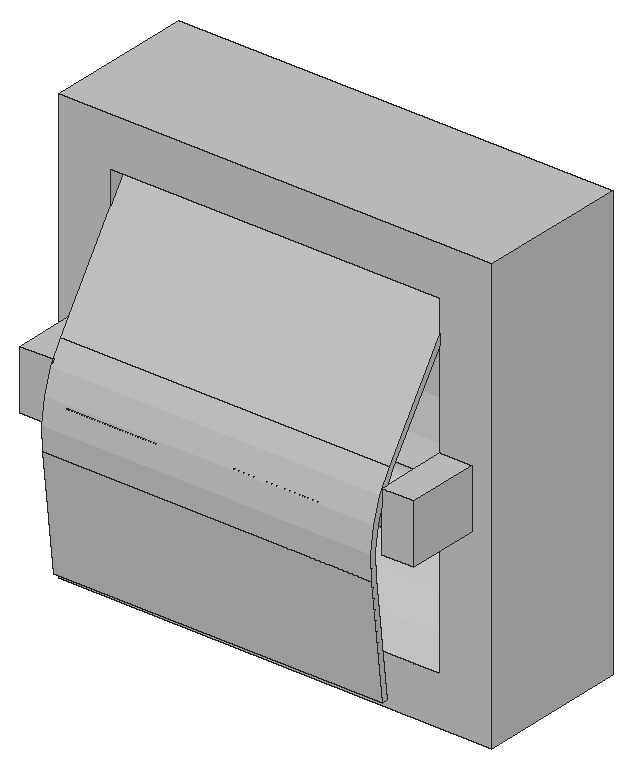
Revit family "Toilet Roll Dispenser_Metlam_Single_Surface Mounted_Hooded", category Specialty Equipment, Revit 2016
Family settings
  Part Type = Normal
  Round Connector Dimension = Use Diameter
  OmniClass Number = 23.40.20.21.21
  OmniClass Title = Toilet Paper Dispensers
  Work Plane-Based = No
  Always vertical = Yes
  Cut with Voids When Loaded = Yes
  Shared = No
  Room Calculation Point = Yes
Parameters (values of type "161w x 88d x 161h (ML261SM_S)")
  URL = "http://www.metlam.com.au/\r\nhttp://www.metlam.com.au/\r\nhttp://www.metlam.com.au/"
  Type Comments = "Toilet Roll Dispensers"  # constant formula
  Model = "ML261SM_S"
  Material_ANZRS = z_Metlam_Metal_Stainless Steel_Satin
  Manufacturer_URL__Product Specific = "https://www.metlam.com.au/product/content/toilet-roll-dispensers/ML261SM_S"
  Manufacturer_Spec Code = Model  # "ML261SM_S"
  Manufacturer_Overall Width = 161 mm  # constant formula
  Manufacturer_Overall Height = 161 mm  # constant formula
  Manufacturer_Overall Depth = 88 mm  # constant formula
  Manufacturer_Height From FFL [instance] = 585 mm
  Manufacturer = "Metlam"  # constant formula
  Description = "Single Toilet Roll Holder"  # constant formula
  CreatedBy_ANZRS = "IGS BIM Solutions"  # constant formula
  CreatedByURL_ANZRS = "http://www.igsgroup.com.au/"
  Assembly Code = ""
Reference planes
  plane 1 "Back": y = 0
  plane 2 "Ref. Level": z = 0
  plane 3 "Center (Left/Right)": x = 0
  plane 4 "Right": x = 80.5
  plane 5 "Left": x = -80.5
  plane 6 "Hood_Bottom": z = 524.5
  plane 7 "Body_Front": y = -56
  plane 8 "Top": z = 665.5
  plane 9 "Bottom": z = 504.5
  plane 10 "Centre (Elevation)": z = 585
  plane 11 "Front": y = -88
Forms (mm)
  Extrusion 1, solid, material "z_Metlam_Metal_Stainless Steel_Satin" <- "Material_ANZRS"
    sketch origin (0, 0, -20) x (1, 0, 0) y (0, 0, 1)
      loop
        line (-80.5, 685.5) -> (-80.5, 524.5) -> (80.5, 524.5) -> (80.5, 685.5) -> (-80.5, 685.5)
    from 0 to 56
  Revolve 2, solid, material "z_Metlam_Metal_Stainless Steel_Satin" <- "Material_ANZRS"
    sketch origin (-73.125, -1524, 585) x (-1, 0, 0) y (0, -1, 0)
      loop
        line (-12.01, -1454.68) -> (-12.01, -1443.68) -> (-73.125, -1443.68) -> (-73.125, -1445.18) -> (-134.239, -1445.18) -> (-134.239, -1454.68) -> (-12.01, -1454.68)
      axis (-12.01, -1454.68) -> (-134.239, -1454.68)
    angle from 0 to 360
  Extrusion 3, solid, material "z_Metlam_Metal_Stainless Steel_Satin" <- "Material_ANZRS"
    sketch origin (0, 0, 0) x (0, 1, 0) y (0, 0, 1)
      loop
        line (-56, 596) -> (-83, 596) -> (-83, 574) -> (-56, 574) -> (-56, 596)
    from 61.115 to 73.125
  Extrusion 4, solid, material "z_Metlam_Metal_Stainless Steel_Satin" <- "Material_ANZRS"
    sketch origin (0, 0, 0) x (0, 1, 0) y (0, 0, -1)
      loop
        line (-56, -596) -> (-56, -574) -> (-83, -574) -> (-83, -596) -> (-56, -596)
    from 61.115 to 73.125
  Extrusion 5, void
    sketch origin (0, 0, 0) x (0, 1, 0) y (0, 0, 1)
      loop
        arc (-56, 522.518) -> (-5.854, 585) -> (-56, 647.482) r 64
        line (-56, 647.482) -> (-56, 522.518)
    from -61.115 to 61.115
  Extrusion 6, solid, material "z_Metlam_Metal_Stainless Steel_Satin" <- "Material_ANZRS"
    sketch origin (0, -0.566, 0) x (0, 1, 0) y (0, 0, 1)
      loop
        line (-46.807, 644.3) -> (-48.455, 645.433) -> (-78.636, 601.537)
        arc (-78.636, 601.537) -> (-86, 585.098) -> (-87.062, 567.116) r 50
        line (-87.062, 567.116) -> (-81.829, 524.5) -> (-79.814, 524.5) -> (-85.077, 567.359)
        arc (-85.077, 567.359) -> (-84.058, 584.622) -> (-76.988, 600.404) r 48
        line (-76.988, 600.404) -> (-46.807, 644.3)
    from -61.115 to 61.115
Cuts and joins
  Extrusion 5 cuts Extrusion 1
Lines and regions (mm)
  Masking region 1
    outline origin (0, 0, 0) x (1, 0, 0) y (0, 1, 0)
      loop
        line (-80.5, 0) -> (-80.5, -56) -> (-73.125, -56) -> (-73.125, -83) -> (-61.115, -83) -> (-61.115, -88) -> (61.115, -88) -> (61.115, -83) -> (73.125, -83) -> (73.125, -56) -> (80.5, -56) -> (80.5, 0) -> (-80.5, 0)
  symbolic lines, style "Bathroom Fixtures", detail levels medium+fine
    curve 1: line (-73.125, -56, 0) -> (73.125, -56, 0)
    curve 2: line (61.115, -83, 0) -> (61.115, -56, 0)
    curve 3: line (-61.115, -83, 0) -> (-61.115, -56, 0)
Text (mm)
  text "> Contact Manufacturer to confirm feasibility of design variations outside the scope of this Revit Family\n\n\n\nDisclaimer:\n\nDue to ongoing product development and manufacturing evolution, product details are subject to change without notice. Please refer to product technical data sheets on the manufacturer’s website for the most current product information. Please allow a +/- 5mm manufacturing tolerance for dimensions and set-outs shown in product literature." at (227.896, 72.385, 0), in view "Ref. Level_Instruction"
Dimensions and locks
  "Manufacturer_Height From FFL": plane 10 "Centre (Elevation)" to plane 2 "Ref. Level"
  "Manufacturer_Overall Height": plane 8 "Top" to plane 9 "Bottom"
  "Manufacturer_Overall Width": plane 5 "Left" to plane 4 "Right"
  equal spacing: plane 8 "Top", plane 10 "Centre (Elevation)", plane 9 "Bottom"
  locked: plane 6 "Hood_Bottom" to plane 9 "Bottom" at 20
  locked: plane 11 "Front" to plane 7 "Body_Front" at 32
  plane 11 "Front" to plane 1 "Back" = 88 mm
  aligned and locked: level to plane 2 "Ref. Level"
  aligned and locked: plane 7 "Body_Front" to Extrusion 1
Automatic sketch dimensions
  Extrusion 1 sketch curve to plane 5 "Left" = 0 mm
  plane 4 "Right" to Extrusion 1 sketch curve = 0 mm
  Extrusion 1 sketch curve to plane 9 "Bottom" = 0 mm
  Extrusion 1 sketch curve to plane 8 "Top" = 0 mm
  Revolve 2 sketch curve to plane 3 "Center (Left/Right)" = 0 mm
  Revolve 2 sketch curve to plane 11 "Front" = 9.18 mm
  plane 4 "Right" to Revolve 2 sketch curve = 19.385 mm
  Revolve 2 sketch curve to plane 11 "Front" = 7.68 mm
  plane 5 "Left" to Revolve 2 sketch curve = 19.385 mm
  Revolve 2 sketch curve to Revolve 2 sketch curve = 9.5 mm  (x2)
  plane 3 "Center (Left/Right)" to Revolve 2 sketch curve = 3.984 mm
  Revolve 2 sketch curve to plane 3 "Center (Left/Right)" = 17.5 mm
  Extrusion 3 sketch curve to plane 7 "Body_Front" = 0 mm
  Extrusion 3 sketch curve to plane 11 "Front" = 5 mm
  Extrusion 3 sketch curve to plane 10 "Centre (Elevation)" = 11 mm
  plane 10 "Centre (Elevation)" to Extrusion 3 sketch curve = 11 mm
  Extrusion 4 sketch curve to plane 7 "Body_Front" = 0 mm
  Extrusion 4 sketch curve to plane 11 "Front" = 5 mm
  plane 10 "Centre (Elevation)" to Extrusion 4 sketch curve = 11 mm
  Extrusion 4 sketch curve to plane 10 "Centre (Elevation)" = 11 mm
  Extrusion 5 sketch curve to plane 10 "Centre (Elevation)" = 0 mm
  Extrusion 5 sketch curve to plane 7 "Body_Front" = 0 mm
  plane 7 "Body_Front" to Extrusion 5 sketch curve = 13.854 mm
  Extrusion 5 sketch curve to plane 6 "Hood_Bottom" = 1.982 mm
  Extrusion 6 sketch curve to Extrusion 6 sketch curve = 0 mm  (x2)
  Extrusion 6 sketch curve to plane 6 "Hood_Bottom" = 0 mm
  Extrusion 6 sketch curve to plane 11 "Front" = 0.373 mm
  Extrusion 6 sketch curve to Extrusion 6 sketch curve = 1.985 mm
  Extrusion 6 sketch curve to plane 11 "Front" = 5.605 mm
  Extrusion 6 sketch curve to Extrusion 6 sketch curve = 2.015 mm
  plane 7 "Body_Front" to Extrusion 6 sketch curve = 23.201 mm
  Extrusion 6 sketch curve to Extrusion 6 sketch curve = 1.648 mm  (x2)
  Extrusion 6 sketch curve to plane 7 "Body_Front" = 6.979 mm
  Extrusion 6 sketch curve to plane 10 "Centre (Elevation)" = 11.791 mm
  Extrusion 6 sketch curve to plane 7 "Body_Front" = 18 mm
  Extrusion 6 sketch curve to plane 10 "Centre (Elevation)" = 17.884 mm
  Extrusion 6 sketch curve to Extrusion 6 sketch curve = 0.244 mm
  Masking region 1 sketch curve to plane 5 "Left" = 0 mm
  plane 7 "Body_Front" to Masking region 1 sketch curve = 0 mm  (x2)
  plane 11 "Front" to Masking region 1 sketch curve = 0 mm
  Masking region 1 sketch curve to plane 4 "Right" = 0 mm
  plane 1 "Back" to Masking region 1 sketch curve = 0 mm
  plane 5 "Left" to Masking region 1 sketch curve = 7.375 mm
  Masking region 1 sketch curve to Masking region 1 sketch curve = 12.01 mm  (x2)
  plane 4 "Right" to Masking region 1 sketch curve = 7.375 mm
  Masking region 1 sketch curve to plane 11 "Front" = 5 mm  (x2)
  plane 7 "Body_Front" to curve 1 = 0 mm
  curve 3 to plane 11 "Front" = 5 mm
  plane 5 "Left" to curve 3 = 19.385 mm
  plane 5 "Left" to curve 1 = 7.375 mm
  plane 4 "Right" to curve 2 = 19.385 mm
  plane 4 "Right" to curve 1 = 7.375 mm
  curve 2 to plane 11 "Front" = 5 mm
